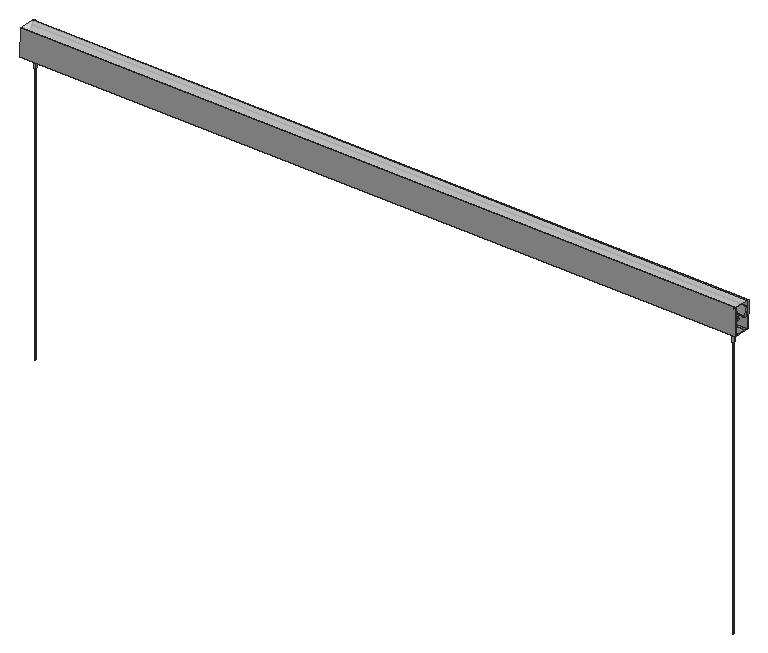
Revit family "2093123 Sylvania Lighting Fixture MC2 2-4M 3K DALI WHT OPAL", category Lighting Fixtures, host Face, Revit 2016
Family settings
  Host = Face
  Part Type = Normal
  Round Connector Dimension = Use Diameter
  OmniClass Number = 23.80.70.11.17
  OmniClass Title = Specialized Lighting by Location or Use
  Cut with Voids When Loaded = No
  Light Source = Yes
  Shared = No
  Room Calculation Point = No
Parameters (values of type "2093123 MC2 2.4M 3K DALI WHT OPAL")
  Width_SYL = 54.0 mm
  Weight = "5.0 kg"
  Wattage = 42 W
  WarrantyStartDate [instance] = "n/a"
  WarrantyGuarantorParts = "n/a"
  WarrantyDurationUnit = "n/a"
  WarrantyDurationParts = "n/a"
  WarrantyDescription = "n/a"
  built-in parameter 1150110 = 1 (stored number, unit not read)
  Voltage = 0 V
  URL = "http://www.sylvania-lighting.com"
  TypeName = "MC2 2.4M 3K DALI WHT OPAL"
  built-in parameter 1114217 = 1 (stored number, unit not read)
  Tilt Angle = -90.00°
  built-in parameter 1150109 = 1 (stored number, unit not read)
  built-in parameter 1150134 = (empty or 0)
  built-in parameter 1150113 = 1 (stored number, unit not read)
  SerialNumber [instance] = "n/a"
  PowerFactor = 0.98
  PowerConsumption = "42 W"
  NominalWidth = 0.0 mm
  NominalLength = 2400.0 mm
  NominalHeight = 86.0 mm
  Name = "MC2 2.4M 3K DALI WHT OPAL"
  ModelReference = "MC2 2.4M 3K DALI WHT OPAL"
  ModelNumber = "2093123"
  Material_3_SYL = Metal_Sylvania_Mini Contiuum II_Silver
  Photometric Web File = "2093123.ies"
  Material_4_SYL = Metal_Sylvania_Mini Contiuum II_Silver
  MountingHeight_SYL [instance] = 1000.0 mm
  Material = "aluminium housing, polycarbonate diffuser"
  ManufacturerName = "Feilo Sylvania"
  LuminousEfficacy = "105 lm/W"
  LuminaireType = ""
  LightOutputRatio = "100"
  Length_SYL = 2400.0 mm
  LampsType = Lamp  # "LED"
  LampNominalLuminous = "4414 lm"
  LampMacAdamStep = "3"
  LampColourTemperature = "3000 K"
  LampColourRenderingIndex = "80"
  Keynote = "16500"
  InstallationDate [instance] = "n/a"
  InputVoltage = "n/a"
  InputNominalFrequency = "n/a"
  IngressProtection = "IP20"
  ImpactProtectionIndex = "n/a"
  IfcExportType = "IfcLightFixtureType"
  IfcExportAs = "IfcLightFixtureType"
  Height_SYL = 86.0 mm
  ExpectedLife = 50000
  EndCapRight_SYL [instance] = no
  EndCapLeft_SYL [instance] = no
  Emit from Rectangle Width = Width_SYL - 2.0 mm  # 52.0 mm
  Emit from Rectangle Length = Length_SYL  # 2400.0 mm
  Emit Shape Visible in Rendering = no
  ElectricShockClassification = "Class I"
  DurationUnit = "hours"
  DocumentationLiterature = "http://www.sylvania-lighting.com/product/en-int/products/2093123"
  DimmingControlOptions = "n/a"
  CreatedOn = "10/15/2018"
  CreatedBy = "@sylvania-lighting.com"
  built-in parameter 1114216 [instance] = 1 (stored number, unit not read)
  Model = "MC2 2.4M 3K DALI WHT OPAL"
  Manufacturer = "Feilo Sylvania"
  built-in parameter 1150105 = 350.94 (stored number, unit not read)
  Lumens = 4410 lm
  built-in parameter 1150115 = 1 (stored number, unit not read)
  built-in parameter 1150137 = (empty or 0)
  built-in parameter 1150139 = (empty or 0)
  built-in parameter 1150112 = 1 (stored number, unit not read)
  built-in parameter 1150114 = 1 (stored number, unit not read)
  Lamp = "LED"
  built-in parameter 1150132 = 2
  built-in parameter 1150102 = (empty or 0)
  built-in parameter 1150107 = 3000 (stored number, unit not read)
  built-in parameter 1150138 = (empty or 0)
  built-in parameter 1150106 = 3.5094 (stored number, unit not read)
  Material_1_SYL = Metal_Sylvania_Mini Continuum II_White
  built-in parameter 1150104 = 9.7548 (stored number, unit not read)
  Dimming Lamp Color Temperature Shift = <None>
  Material_2_SYL = Polycarbonate_Sylvania_Mini Continuum II_Opal_4000K
  Description = "2093123   MC2 2.4M 3K DALI WHT OPAL  Continuous lines of LED light, white RAL 9016, direct distribution, trimless detail for a seamless finish, suitable for recessed, semi-recessed, surface-mounted or suspended installation either horizontally or vertically, various accessories available, compact and minimalist design based on the Golden Mean, ideal for offices, meeting rooms, corridors, education facilities, museums and libraries, extruded aluminium body, diffuser: opal, colour temperature: 3000K warm white, total system power: 42W, total fixture output: 4414lm, luminaire efficacy: 105lm/W, LOR: 100%, colour rendering: Ra >80, LED Chromacity: 1 step MacAdam ellipse, lifetime: 60,000 hours at 90% of the original output (L90), energy class: A++, A+, A, IR/UV free light source without heat radiation, operating voltage: 220-240V / 50-60Hz, drive current: 800mA, electronic driver, DALI dimmable, electrical protection: CLASS I, IP20, suitable for internal environment only."
  Default Elevation = 0.0 mm
  Color Filter = 16777215
  built-in parameter 1140040 [instance] = 1
  BarCode [instance] = "n/a"
  built-in parameter 1114218 = 1 (stored number, unit not read)
  built-in parameter 1150133 = 10 (stored number, unit not read)
  AssetType = "Fixed"
  AssetIdentifier [instance] = "n/a"
  Assembly Code = "D5020200"
  Apparent Load = 42 VA
Reference planes
  plane 1 "Center (Front/Back)": y = 0
  plane 2 "Bottom Fixtures": z = 0
  plane 3 "Center (Left/Right)": x = 0
  plane 4 "Fixture Left": x = -1200
  plane 5 "Fixture Right": x = 1200
  plane 6 "Fixture Bottom": z = 1000
  plane 7: z = 998
  plane 8: z = 996
  plane 9: z = 986.951
  plane 10: z = 956.951
  plane 11 "Fixture Top": z = 914
  plane 12 "Mounting Right": x = 1172
  plane 13 "Mounting Left": x = -1172
  plane 14: z = 879
  plane 15: y = 27
  plane 16: y = -27
  plane 17: y = -26
  plane 18: y = -25
  plane 19: y = 26
  plane 20: y = 25
  plane 21: y = 11
  plane 22: y = -11
  plane 23: y = 24
  plane 24: y = 22
  plane 25: y = -22
  plane 26: y = 15
  plane 27: y = -15
  plane 28 "Upper Diffuser Left": x = -1050
  plane 29 "Upper Diffuser Right": x = 1050
  plane 30: x = -1202
  plane 31: x = 1202
Forms (mm)
  Extrusion 1, solid, material "Metal_Sylvania_Mini Continuum II_White" <- "Material_1_SYL", detail levels fine
    sketch origin (0, 0, 520) x (0, 1, 0) y (0, 0, 1)
      loop
        line (27, 480) -> (26, 480) -> (26, 478) -> (25, 478) -> (25, 396) -> (13, 396) -> (13, 398) -> (-13, 398) -> (-13, 396) -> (-25, 396) -> (-25, 478) -> (-26, 478) -> (-26, 480) -> (-27, 480) -> (-27, 394) -> (-11, 394) -> (-11, 396) -> (11, 396) -> (11, 394) -> (27, 394) -> (27, 480)
    from -1200 to 1200
  Extrusion 2, solid, material "Polycarbonate_Sylvania_Mini Continuum II_Opal_4000K" <- "Material_2_SYL", detail levels fine
    sketch origin (0, 0, 520) x (0, 1, 0) y (0, 0, 1)
      loop
        line (-26, 480) -> (-26, 478) -> (26, 478) -> (26, 480) -> (-26, 480)
    from -1200 to 1200
  Extrusion 3, solid, material "Metal_Sylvania_Mini Contiuum II_Silver" <- "Material_3_SYL", detail levels fine
    sketch origin (0, 0, 520) x (0, 1, 0) y (0, 0, 1)
      loop
        line (22, 466.951) -> (20.973, 466.951) -> (14.206, 437.951) -> (11, 437.951) -> (11, 436.951) -> (15, 436.951) -> (22, 466.951)
      loop
        line (-15, 436.951) -> (-11, 436.951) -> (-11, 437.951) -> (-14.206, 437.951) -> (-20.973, 466.951) -> (-22, 466.951) -> (-15, 436.951)
    from -1200 to 1200
  Extrusion 4, solid, material "Metal_Sylvania_Mini Continuum II_White" <- "Material_1_SYL", detail levels coarse+medium
    sketch origin (0, 0, 520) x (0, 1, 0) y (0, 0, 1)
      loop
        line (-27, 480) -> (-27, 394) -> (27, 394) -> (27, 480) -> (-27, 480)
    from -1200 to 1200
  Extrusion 5, solid, material "Metal_Sylvania_Mini Contiuum II_Silver" <- "Material_4_SYL", detail levels fine
    sketch origin (0, 0, -86) x (-1, 0, 0) y (0, -1, 0)
      loop
        circle (1172, 0) r 4
      loop
        circle (-1172, 0) r 4
    from 965 to 1002
  Extrusion 6, solid, material "Metal_Sylvania_Mini Contiuum II_Silver" <- "Material_4_SYL", detail levels fine
    sketch origin (0, 0, -86) x (-1, 0, 0) y (0, -1, 0)
      loop
        circle (-1172, 0) r 1
      loop
        circle (1172, 0) r 1
    from 86 to 965
  Extrusion 7, solid, material "Metal_Sylvania_Mini Continuum II_White" <- "Material_1_SYL", visible <- "EndCapLeft_SYL"
    sketch origin (-1200, 171.684, 1219.2) x (0, 1, 0) y (0, 0, 1)
      loop
        line (-198.684, -305.2) -> (-144.684, -305.2) -> (-144.684, -219.2) -> (-198.684, -219.2) -> (-198.684, -305.2)
    from 0 to -2
  Extrusion 8, solid, material "Metal_Sylvania_Mini Continuum II_White" <- "Material_1_SYL", visible <- "EndCapRight_SYL"
    sketch origin (1200, 171.684, 1219.2) x (0, 1, 0) y (0, 0, -1)
      loop
        line (-144.684, 219.2) -> (-144.684, 305.2) -> (-198.684, 305.2) -> (-198.684, 219.2) -> (-144.684, 219.2)
    from 0 to -2
Lines and regions (mm)
  Masking region 1
    outline origin (0, 0, -86) x (-1, 0, 0) y (0, -1, 0)
      loop
        line (1200, -27) -> (1200, 27) -> (-1200, 27) -> (-1200, -27) -> (1200, -27)
  symbolic lines, detail levels fine
    curve 1: line (-1200, 26, -86) -> (1200, 26, -86)
    curve 2: line (-1200, -26, -86) -> (1200, -26, -86)
  model lines, detail levels coarse+medium
    curve 3: line (-1172, 0, 914) -> (-1172, 0, 0)
    curve 4: line (1172, 0, 914) -> (1172, 0, 0)
Dimensions and locks
  host sketch curve to plane 3 "Center (Left/Right)" to host sketch curve = 820.0 mm, 775.047 mm
  equal spacing: plane 4 "Fixture Left", plane 3 "Center (Left/Right)", plane 5 "Fixture Right"
  "Length_SYL": plane 4 "Fixture Left" to plane 5 "Fixture Right"
  plane 6 "Fixture Bottom" to plane 7 to plane 8 to plane 9 to plane 10 = 2.0 mm locked, 2.0 mm locked, 9.049 mm locked, 30.0 mm locked
  locked: Extrusion 1 sketch curve to Extrusion 1 sketch curve at 2
  locked: Extrusion 1 sketch curve to plane 11 "Fixture Top" at 2
  "Height_SYL": plane 6 "Fixture Bottom" to plane 11 "Fixture Top"
  locked: plane 12 "Mounting Right" to plane 5 "Fixture Right" at 28
  locked: plane 4 "Fixture Left" to plane 13 "Mounting Left" at 28
  locked: plane 11 "Fixture Top" to plane 14 at 35
  "MountingHeight_SYL": plane 6 "Fixture Bottom" to plane 2 "Bottom Fixtures"
  equal spacing: plane 15, plane 1 "Center (Front/Back)", plane 16
  "Width_SYL": plane 15 to plane 16
  plane 22 to plane 27 to plane 25 to plane 18 to plane 17 to plane 16 = 4.0 mm locked, 7.0 mm locked, 3.0 mm locked, 1.0 mm locked, 1.0 mm locked
  plane 15 to plane 19 to plane 20 to plane 23 to plane 24 to plane 26 to plane 21 = 1.0 mm locked, 1.0 mm locked, 1.0 mm locked, 2.0 mm locked, 7.0 mm locked, 4.0 mm locked
  locked: plane 4 "Fixture Left" to plane 28 "Upper Diffuser Left" at 150
  locked: plane 29 "Upper Diffuser Right" to plane 5 "Fixture Right" at 150
  equal spacing: plane 30, plane 3 "Center (Left/Right)", plane 31
  locked: plane 30 to plane 4 "Fixture Left" at 2
  aligned and locked: plane 2 "Bottom Fixtures" to host face
  aligned and locked: level to host face
  aligned and locked: plane 5 "Fixture Right" to curve 1
  aligned and locked: plane 4 "Fixture Left" to curve 1
  aligned and locked: plane 4 "Fixture Left" to curve 2
  aligned and locked: plane 5 "Fixture Right" to curve 2
  aligned and locked: Extrusion 1 sketch curve to plane 7
  aligned and locked: plane 6 "Fixture Bottom" to Extrusion 1 sketch curve  (x2)
  aligned and locked: plane 7 to Extrusion 1 sketch curve
  aligned and locked: Extrusion 1 to Extrusion 2 sketch curve
  aligned and locked: Extrusion 2 sketch curve to Extrusion 1  (x3)
  aligned and locked: Extrusion 3 sketch curve to plane 10
  aligned and locked: plane 9 to Extrusion 3 sketch curve
  aligned and locked: Extrusion 3 sketch curve to plane 9
  aligned and locked: Extrusion 4 sketch curve to plane 6 "Fixture Bottom"
  aligned and locked: Extrusion 4 to plane 4 "Fixture Left"
  aligned and locked: Extrusion 2 to plane 4 "Fixture Left"
  aligned and locked: Extrusion 3 to plane 4 "Fixture Left"
  aligned and locked: Extrusion 1 to plane 4 "Fixture Left"
  aligned and locked: Extrusion 4 to plane 5 "Fixture Right"
  aligned and locked: Extrusion 2 to plane 5 "Fixture Right"
  aligned and locked: Extrusion 3 to plane 5 "Fixture Right"
  aligned and locked: Extrusion 1 to plane 5 "Fixture Right"
  aligned and locked: plane 11 "Fixture Top" to Extrusion 4 sketch curve
  aligned and locked: Extrusion 1 sketch curve to plane 11 "Fixture Top"  (x2)
  aligned and locked: Extrusion 1 sketch curve to Extrusion 1 sketch curve
  aligned and locked: plane 6 "Fixture Bottom" to imposter light
  aligned and locked: plane 11 "Fixture Top" to curve 3
  aligned and locked: plane 2 "Bottom Fixtures" to curve 3
  aligned and locked: plane 11 "Fixture Top" to curve 4
  aligned and locked: plane 2 "Bottom Fixtures" to curve 4
  aligned and locked: curve 4 to plane 12 "Mounting Right"
  aligned and locked: curve 3 to plane 13 "Mounting Left"
  aligned and locked: Extrusion 5 to Extrusion 1
  aligned and locked: Extrusion 5 to plane 14
  aligned and locked: plane 14 to Extrusion 6
  aligned and locked: Extrusion 6 to level
  aligned and locked: plane 21 to Extrusion 3 sketch curve
  aligned and locked: Extrusion 3 sketch curve to plane 22
  aligned and locked: Extrusion 7 sketch curve to Extrusion 4  (x4)
  aligned and locked: Extrusion 7 to plane 30
  aligned and locked: plane 4 "Fixture Left" to Extrusion 7
  aligned and locked: Extrusion 8 sketch curve to Extrusion 4  (x4)
  aligned and locked: plane 31 to Extrusion 8
  aligned and locked: plane 5 "Fixture Right" to Extrusion 8
Automatic sketch dimensions
  host sketch curve to host sketch curve = 1047.463 mm
  plane 19 to curve 1 = 0.0 mm
  curve 2 to plane 17 = 0.0 mm
  Masking region 1 sketch curve to plane 5 "Fixture Right" = 0.0 mm
  Masking region 1 sketch curve to plane 4 "Fixture Left" = 0.0 mm
  plane 15 to Masking region 1 sketch curve = 0.0 mm
  Masking region 1 sketch curve to plane 16 = 0.0 mm
  Extrusion 1 sketch curve to plane 16 = 0.0 mm
  Extrusion 1 sketch curve to plane 17 = 0.0 mm
  Extrusion 1 sketch curve to plane 18 = 0.0 mm
  Extrusion 1 sketch curve to plane 22 = 0.0 mm
  Extrusion 1 sketch curve to plane 21 = 0.0 mm
  Extrusion 1 sketch curve to plane 20 = 0.0 mm
  Extrusion 1 sketch curve to plane 19 = 0.0 mm
  Extrusion 1 sketch curve to plane 15 = 0.0 mm
  plane 11 "Fixture Top" to Extrusion 1 sketch curve = 2.0 mm
  Extrusion 1 sketch curve to plane 22 = 2.0 mm
  Extrusion 1 sketch curve to plane 21 = 2.0 mm
  Extrusion 3 sketch curve to plane 25 = 0.0 mm
  Extrusion 3 sketch curve to plane 27 = 0.0 mm
  Extrusion 3 sketch curve to plane 26 = 0.0 mm
  Extrusion 3 sketch curve to plane 24 = 0.0 mm
  plane 10 to Extrusion 3 sketch curve = 1.0 mm
  Extrusion 3 sketch curve to Extrusion 3 sketch curve = 1.027 mm
  plane 27 to Extrusion 3 sketch curve = 0.794 mm
  plane 26 to Extrusion 3 sketch curve = 0.794 mm
  plane 24 to Extrusion 3 sketch curve = 1.027 mm
  Extrusion 4 sketch curve to plane 16 = 0.0 mm
  Extrusion 4 sketch curve to plane 15 = 0.0 mm
  plane 1 "Center (Front/Back)" to Extrusion 5 sketch curve = 0.0 mm  (x2)
  Extrusion 5 sketch curve to plane 12 "Mounting Right" = 0.0 mm
  Extrusion 5 sketch curve to plane 13 "Mounting Left" = 0.0 mm
  plane 1 "Center (Front/Back)" to Extrusion 6 sketch curve = 0.0 mm  (x2)
  Extrusion 6 sketch curve to plane 12 "Mounting Right" = 0.0 mm
  Extrusion 6 sketch curve to plane 13 "Mounting Left" = 0.0 mm
  Extrusion 3 sketch curve to Extrusion 3 sketch curve = 0.0 mm
  Extrusion 3 sketch curve to plane 10 = 0.0 mm
  radius of Extrusion 5 sketch curve = 4.0 mm  (x2)
  radius of Extrusion 6 sketch curve = 1.0 mm  (x2)
Connectors
  electrical at (1200, 0, 949), driven by "Apparent Load"
    settings: on Extrusion 1, index 1, voltage 230 V, apparent load 0 VA, apparent load phase1 42 VA, apparent load phase2 0 VA, apparent load phase3 0 VA, power factor 1, load classification "Lighting", number of poles 1, system type 31, power factor state 1, is connector primary yes, connector utility no, sub classification motor no, connector description ""
